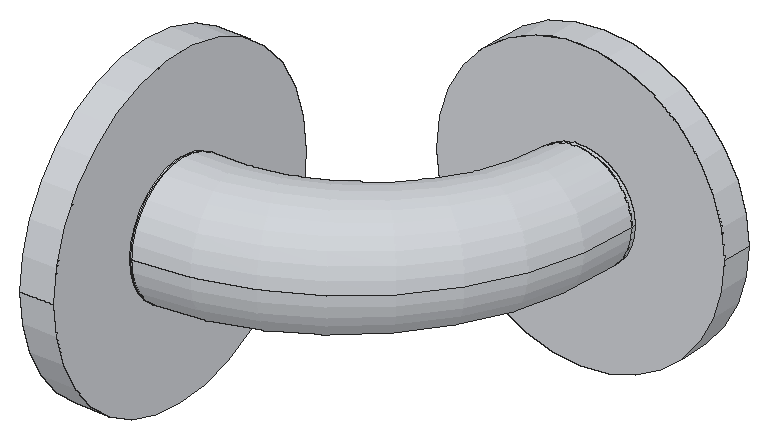
Revit family "M_Redução de cotovelo - Flange - GI - Classe 125", category Conexões de tubo, Revit 2019
Family settings
  Cota do conector redondo = Usar raio
  Tipo de parte = Cotovelo
  Número OmniClass = 23.60.30.11.14
  Título OmniClass = Pipework Fittings
  ID de item do Seek = Elbow Reducing - Flanged - GI - Class 125-0000-CAN-ENU
  Com base no plano de trabalho = Não
  Sempre na vertical = Sim
  Corte com vazios quando carregada = Não
  Compartilhado = Não
Parameters (values of type "Padrão")
  Espessura da parede 2 [instance] = size_lookup(Nome da tabela de pesquisa, "WThk", 0.04 * Diâmetro nominal 2 + 7.938 mm, Diâmetro nominal 2)  # 7.9 mm
  Espessura da parede 1 [instance] = size_lookup(Nome da tabela de pesquisa, "WThk", 0.04 * Diâmetro nominal 1 + 7.938 mm, Diâmetro nominal 1)  # 7.9 mm
  Tamanho da marca de cota 2 [instance] = Diâmetro da flange 2 * 0.4  # 43.2 mm
  Tamanho da marca de cota 1 [instance] = Diâmetro da flange 1 * 0.4  # 47.2 mm
  Raio nominal 2 [instance] = 12.5 mm
  Diâmetro nominal 2 [instance] = Raio nominal 2 * 2  # 25 mm
  Método de perda = Coeficiente K da tabela
  Nome da tabela de pesquisa = "M_Elbow Reducing - Flanged - GI - Class 125"
  Comprimento 8 [instance] = Centro à face - if(Diâmetro nominal máximo 12 = Diâmetro nominal 1, Espessura da flange 1, Espessura da flange 2)  # 82.3 mm
  Comprimento 7 [instance] = Comprimento 1 + Comprimento 1 * cos(Ângulo) + (Espessura da flange 2 + Comprimento 5) * cos(Ângulo)  # 82.3 mm
  Comprimento 6 [instance] = (Espessura da flange 2 + Comprimento 5) * sin(Ângulo)  # 12.7 mm
  Comprimento 5 [instance] = if(Diâmetro nominal máximo 12 = Diâmetro nominal 2, 0.794 mm, if(Centro à face - Espessura da flange 2 - Comprimento 1 > 0.794 mm, Centro à face - Espessura da flange 2 - Comprimento 1, 0.794 mm))  # 1.6 mm
  Comprimento 4 [instance] = if(Diâmetro nominal máximo 12 = Diâmetro nominal 1, 0.794 mm, if(Centro à face - Espessura da flange 1 - Comprimento 1 > 0.794 mm, Centro à face - Espessura da flange 1 - Comprimento 1, 0.794 mm))  # 0.794 mm
  Comprimento 3 [instance] = Comprimento 1 + Comprimento 1 * cos(Ângulo)  # 82.3 mm
  Comprimento 2 [instance] = Comprimento 1 * sin(Ângulo)  # 82.3 mm
  Diâmetro nominal máximo 12 [instance] = if(Diâmetro nominal 1 > Diâmetro nominal 2, Diâmetro nominal 1, Diâmetro nominal 2)  # 32 mm
  Raio de isolamento máximo 12 [instance] = if(Raio externo da conexão 1 > Raio externo da conexão 2, Raio externo da conexão 1, Raio externo da conexão 2)  # 23.9 mm
  Tabela de coeficiente K = "Cotovelo regular flangeado 90 e 180"
  Espessura da flange 2 [instance] = size_lookup(Nome da tabela de pesquisa, "FThk", 0.05 * Diâmetro nominal 2 + 15.974 mm, Diâmetro nominal 2)  # 11.1 mm
  Raio da flange 2 [instance] = Diâmetro da flange 2 / 2  # 54 mm
  Diâmetro da flange 2 [instance] = size_lookup(Nome da tabela de pesquisa, "FDia", 1.19 * Diâmetro nominal 2 + 100.806 mm, Diâmetro nominal 2)  # 108 mm
  Raio externo da conexão 2 [instance] = Diâmetro externo da conexão 2 / 2  # 20.4 mm
  Raio externo da conexão 1 [instance] = Diâmetro externo da conexão 1 / 2  # 23.9 mm
  Diâmetro externo da conexão 2 [instance] = Diâmetro interno da conexão 2 + Espessura da parede 2 * 2  # 40.8 mm
  Diâmetro externo da conexão 1 [instance] = Diâmetro interno da conexão 1 + Espessura da parede 1 * 2  # 47.8 mm
  Comprimento 1 [instance] = if(Raio de isolamento máximo 12 * tan(Ângulo / 2) > Comprimento 8, Raio de isolamento máximo 12 * tan(Ângulo / 2) + 0.794 mm, Comprimento 8)  # 82.3 mm
  Raio nominal 1 [instance] = 16 mm
  Diâmetro nominal 1 [instance] = Raio nominal 1 * 2  # 32 mm
  Diâmetro interno da conexão 2 [instance] = size_lookup(Nome da tabela de pesquisa, "FID", 1.02 * Diâmetro nominal 2 - 1.091 mm, Diâmetro nominal 2)  # 25 mm
  Diâmetro interno da conexão 1 [instance] = size_lookup(Nome da tabela de pesquisa, "FID", 1.02 * Diâmetro nominal 1 - 1.091 mm, Diâmetro nominal 1)  # 32 mm
  Centro à face [instance] = size_lookup(Nome da tabela de pesquisa, "CtF", 0.68 * Diâmetro nominal máximo 12 + 95.647 mm, Diâmetro nominal máximo 12)  # 95 mm
  Raio do centro [instance] = Comprimento 1 / tan(Ângulo / 2)  # 82.3 mm
  Espessura da flange 1 [instance] = size_lookup(Nome da tabela de pesquisa, "FThk", 0.05 * Diâmetro nominal 1 + 15.974 mm, Diâmetro nominal 1)  # 12.7 mm
  Raio da flange 1 [instance] = Diâmetro da flange 1 / 2  # 59 mm
  Diâmetro da flange 1 [instance] = size_lookup(Nome da tabela de pesquisa, "FDia", 1.19 * Diâmetro nominal 1 + 100.806 mm, Diâmetro nominal 1)  # 118 mm
  Assembly Code = ""
  Ângulo [instance] = 90.00°
Reference planes
  plane 1 "Centro (Frente/Trás)": y = 0
  plane 2: z = 0
  plane 3 "Centro (Esquerda/Direita)": x = 0
  plane 4: x = -82.3
  plane 5: y = 82.3
  plane 6: x = 0
  plane 7: y = 82.3
  plane 8: x = -83.094
  plane 9: x = -95.794
  plane 10: x = 0
  plane 11: y = 95
Forms (mm)
  SweptBlend 1, solid, detail levels fine
    path in 3D
      loop
        arc (-82.3, 0, 0) -> (-24.105, 24.105, 0) -> (0, 82.3, 0) r 82.3
    profile origin (-82.3, 0, 0) x (0, 1, 0) y (0, 0, 1)
      loop
        circle (0, 0) r 23.9
    end profile origin (0, 82.3, 0) x (-1, 0, 0) y (0, 0, 1)
      loop
        circle (0, 0) r 20.4
  Sweep 2, solid, detail levels fine
    path in 3D
      loop
        line (-83.094, 0, 0) -> (-82.3, 0, 0)
    profile origin (-82.697, 0, 0) x (0, 1, 0) y (0, 0, 1)
      loop
        circle (0, 0) r 23.9
  Sweep 3, solid, detail levels fine
    path in 3D
      loop
        line (0, 82.3, 0) -> (0, 83.9, 0)
    profile origin (0, 83.1, 0) x (-1, 0, 0) y (0, 0, 1)
      loop
        circle (0, 0) r 20.4
  Sweep 4, solid, detail levels fine
    path in 3D
      loop
        line (-83.094, 0, 0) -> (-95.794, 0, 0)
    profile origin (-89.444, 0, 0) x (0, -1, 0) y (0, 0, 1)
      loop
        circle (0, 0) r 59
  Sweep 5, solid, detail levels fine
    path in 3D
      loop
        line (0, 83.9, 0) -> (0, 95, 0)
    profile origin (0, 89.45, 0) x (-1, 0, 0) y (0, 0, 1)
      loop
        circle (0, 0) r 54
Cuts and joins
  joined: Sweep 2, Sweep 4
  joined: Sweep 3, Sweep 5
Lines and regions (mm)
  model lines, detail levels coarse+medium
    curve 1: arc (-82.3, 0, 0) -> (-24.105, 24.105, 0) -> (0, 82.3, 0) r 82.3
    curve 2: line (-83.094, 0, 0) -> (-82.3, 0, 0)
    curve 3: line (-83.094, 0, 0) -> (-95.794, 0, 0)
    curve 4: line (0, 82.3, 0) -> (0, 83.9, 0)
    curve 5: line (0, 83.9, 0) -> (0, 95, 0)
    curve 11: line (-95.794, 0, 0) -> (-95.794, 47.2, 0)
    curve 12: line (-95.794, 0, 0) -> (-95.794, -47.2, 0)
    curve 13: line (0, 95, 0) -> (43.2, 95, 0)
    curve 14: line (0, 95, 0) -> (-43.2, 95, 0)
  sketch lines
    curve 6: arc (-82.3, 0, 0) -> (-24.105, 24.105, 0) -> (0, 82.3, 0) r 82.3
    curve 7: line (-83.094, 0, 0) -> (-82.3, 0, 0)
    curve 8: line (0, 82.3, 0) -> (0, 83.9, 0)
    curve 9: line (-83.094, 0, 0) -> (-95.794, 0, 0)
    curve 10: line (0, 83.9, 0) -> (0, 95, 0)
Dimensions and locks
  "Comprimento 1": plane 4 to plane 3 "Centro (Esquerda/Direita)"
  "Raio do centro": plane 5 to plane 1 "Centro (Frente/Trás)"
  "Comprimento 3": plane 4 to plane 6
  "Comprimento 2": plane 7 to plane 1 "Centro (Frente/Trás)"
  "Comprimento 4": plane 8 to plane 4
  "Espessura da flange 1": plane 9 to plane 8
  "Comprimento 5": curve 4 to curve 4
  "Espessura da flange 2": curve 5 to curve 5
  "Comprimento 6": plane 11 to plane 7
  "Tamanho da marca de cota 1": curve 11 to curve 11
  "Tamanho da marca de cota 1": curve 12 to curve 12
  "Tamanho da marca de cota 2": curve 13 to curve 13
  "Tamanho da marca de cota 2": curve 14 to curve 14
  "Comprimento 7": plane 4 to plane 10
  "Raio externo da conexão 1": radius of SweptBlend 1 sketch curve
  "Raio externo da conexão 2": radius of SweptBlend 1 sketch curve
  "Raio externo da conexão 1": radius of Sweep 2 sketch curve
  "Raio externo da conexão 2": radius of Sweep 3 sketch curve
  "Raio da flange 1": radius of Sweep 4 sketch curve
  "Raio da flange 2": radius of Sweep 5 sketch curve
  "Ângulo": angle curve 1 to curve 1
  "Ângulo": angle plane 7 to curve 4
  "Ângulo": angle plane 7 to curve 5
  locked: curve 13 to curve 5 (angle 90.00°)
  locked: curve 5 to curve 14 (angle 90.00°)
  aligned and locked: plane 4 to curve 1
  aligned and locked: plane 1 "Centro (Frente/Trás)" to curve 1
  aligned and locked: plane 1 "Centro (Frente/Trás)" to curve 2
  aligned and locked: plane 8 to curve 3
  aligned and locked: plane 6 to curve 4
  aligned and locked: plane 1 "Centro (Frente/Trás)" to curve 12
  aligned and locked: curve 12 to plane 9
Automatic sketch dimensions
  SweptBlend 1 sketch curve to profile plane = 0 mm  (x4)
  Sweep 2 sketch curve to profile plane = 0 mm  (x2)
  Sweep 3 sketch curve to profile plane = 0 mm  (x2)
  Sweep 4 sketch curve to profile plane = 0 mm  (x2)
  Sweep 5 sketch curve to profile plane = 0 mm  (x2)
Connectors
  piping at (-95.794, 0, 0), diameter 32, driven by "Raio nominal 1", driven by "Ângulo"
    settings: on Sweep 4, index 1, connector inside diameter 32 mm, connector length 0 mm, flow factor 0, pipe flow 0.0 L/s, pressure drop 0.0 Pa, fitting loss kfactor 0, connector angle 90.00°, fixture units 0, engagement length 0 mm, angle of deflection 0.00°, flow configuration 0, flow direction 0, fitting loss method 0, system type 28, joint type 0, gender type 0, connector reference index 2, connector utility 0, adjustable connector no, is connector primary yes, connector description ""
  piping at (0, 95, 0), diameter 25, driven by "Ângulo", driven by "Raio nominal 2"
    settings: on Sweep 5, index 2, connector inside diameter 25 mm, connector length 0 mm, flow factor 0, pipe flow 0.0 L/s, pressure drop 0.0 Pa, fitting loss kfactor 0, connector angle 90.00°, fixture units 0, engagement length 0 mm, angle of deflection 0.00°, flow configuration 0, flow direction 0, fitting loss method 0, system type 28, joint type 0, gender type 0, connector reference index 1, connector utility 0, adjustable connector no, is connector primary no, connector description ""
